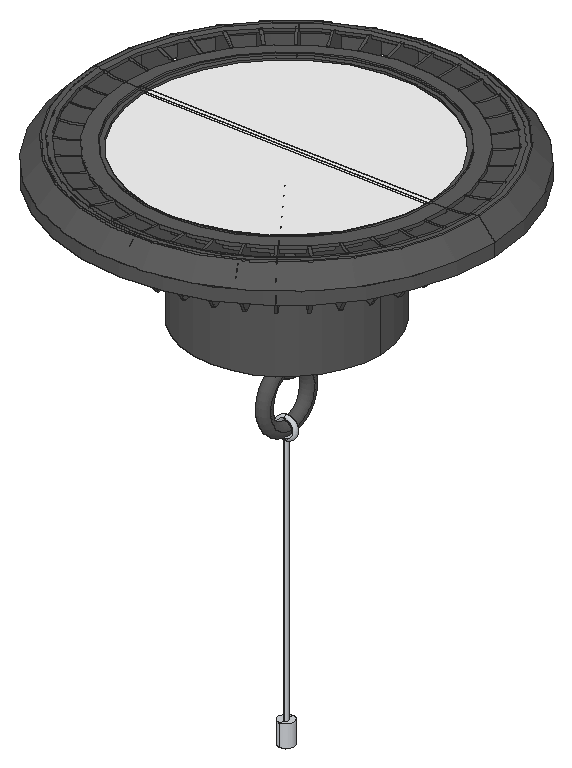
Revit family "0039351 Feilo Sylvania Lighting Fixture START HIGHBAY 6K 19KLM WIDE pendant", category Lighting Fixtures, host Face, Revit 2017
Family settings
  Host = Face
  Round Connector Dimension = Use Diameter
  Part Type = Normal
  OmniClass Number = 23.80.70.00
  OmniClass Title = Lighting
  Cut with Voids When Loaded = No
  Light Source = Yes
  Shared = No
  Room Calculation Point = No
Parameters (values of type "0039351 START HIGHBAY 6K 19KLM WIDE ")
  WidthStraight_FEILO = if(SizeS_FEILO, 3 mm, if(SizeM_FEILO, 4 mm, 4.7 mm))  # 3 mm
  WidthRingChamfer_FEILO = if(SizeS_FEILO, 10.3 mm, if(SizeM_FEILO, 11.2 mm, 12.9 mm))  # 10.3 mm
  WidthCurved_FEILO = if(SizeS_FEILO, 17.4 mm, if(SizeM_FEILO, 16.4 mm, 26.2 mm))  # 17.4 mm
  WidthCurvedRing_FEILO = if(SizeS_FEILO, 3 mm, if(SizeM_FEILO, 4 mm, 4.7 mm))  # 3 mm
  WidthBracket_FEILO = 40 mm
  Weight = "3.4 kg"
  Wattage Comments = ""
  Wattage = 150 W
  WarrantyStartDate [instance] = "n/a"
  WarrantyGuarantorParts = "n/a"
  WarrantyDurationUnit = "n/a"
  WarrantyDurationParts = "n/a"
  WarrantyDescription = "n/a"
  built-in parameter 1150110 = 1 (stored number, unit not read)
  Voltage = 230 V
  VisibilityBracket_FEILO = no
  URL = "http://www.sylvania-lighting.com"
  TypeName = "START HIGHBAY 6K 19KLM WIDE"
  Type Image = <None>
  Type Comments = "n/a"
  built-in parameter 1114217 = 1 (stored number, unit not read)
  Tilt Angle = -90.00°
  ThicknessWall_FEILO = 1.5 mm
  ThicknessBracket_FEILO = 1.5 mm
  ThicknessBracketHalf_FEILO = ThicknessBracket_FEILO / 2  # 0.75 mm
  built-in parameter 1150109 = 1 (stored number, unit not read)
  built-in parameter 1150134 = 1
  SuspensionHeight_FEILO [instance] = 350 mm
  built-in parameter 1150113 = 1 (stored number, unit not read)
  SizeS_FEILO = yes
  SizeM_FEILO = yes
  SerialNumber [instance] = "n/a"
  Rib4_FEILO = if(SizeS_FEILO, 18.1 mm, if(SizeM_FEILO, 13.6 mm, 14.6 mm))  # 18.1 mm
  Rib3_FEILO = if(SizeS_FEILO, 15.3 mm, if(SizeM_FEILO, 17.6 mm, 20.2 mm))  # 15.3 mm
  Rib2_FEILO = if(SizeS_FEILO, 3.6 mm, if(SizeM_FEILO, 3.9 mm, 4.5 mm))  # 3.6 mm
  Rib1_FEILO = if(SizeS_FEILO, 15.1 mm, if(SizeM_FEILO, 16.5 mm, 19 mm))  # 15.1 mm
  RadiusDiffuser_FEILO = if(SizeS_FEILO, 95.2 mm, if(SizeM_FEILO, 105.3 mm, 120 mm))  # 95.2 mm
  RadiusArrayPost_FEILO = DriverRadius_FEILO - 6 mm  # 55.4 mm
  RHRadius3_FEILO = if(SizeS_FEILO, 6.6 mm, if(SizeM_FEILO, 7.4 mm, 8.6 mm))  # 6.6 mm
  RHRadius2_FEILO = if(SizeS_FEILO, 11 mm, if(SizeM_FEILO, 12 mm, 14 mm))  # 11 mm
  RHRadius1_FEILO = if(SizeS_FEILO, 13.6 mm, if(SizeM_FEILO, 14.9 mm, 17.7 mm))  # 13.6 mm
  RHHeight4_FEILO = if(SizeS_FEILO, 7.3 mm, if(SizeM_FEILO, 8 mm, 9.2 mm))  # 7.3 mm
  RHHeight3_FEILO = if(SizeS_FEILO, 3.6 mm, if(SizeM_FEILO, 3.7 mm, 4.6 mm))  # 3.6 mm
  RHHeight2_FEILO = if(SizeS_FEILO, 2 mm, if(SizeM_FEILO, 2.2 mm, 2.6 mm))  # 2 mm
  RHHeight1_FEILO = if(SizeS_FEILO, 11.8 mm, if(SizeM_FEILO, 15.3 mm, 17.4 mm))  # 11.8 mm
  Photometric Web File = "0039351.ies"
  Material_3_FEILO = LED-Sylvania-StartHighbay-Glow
  PowerFactor = 0.95
  PowerConsumption = "150 W"
  NominalLength = 296 mm
  NominalHeight = 177 mm
  NominalDepth = 296 mm
  Name = "START HIGHBAY 6K 19KLM WIDE"
  ModelReference = Name  # "START HIGHBAY 6K 19KLM WIDE"
  ModelNumber = "0039351"
  Model = Name  # "START HIGHBAY 6K 19KLM WIDE"
  Material = "aluminium alloy housing, polycarbonate diffuser"
  ManufacturerName = "Feilo Sylvania"
  Manufacturer = "Feilo Sylvania"
  LuminousEfficacy = "130 lm/W"
  built-in parameter 1150105 = 10377.1 (stored number, unit not read)
  Lumens = 19500 lm
  LuminaireType = ""
  built-in parameter 1150115 = 1 (stored number, unit not read)
  LightOutputRatio = "n/a"
  built-in parameter 1150137 = (empty or 0)
  built-in parameter 1150139 = (empty or 0)
  LampsType = Lamp  # "LED"
  LampNominalLuminous = "19500 lm"
  LampMacAdamStep = "n/a"
  LampColourTemperature = "6500 K"
  LampColourRenderingIndex = "80"
  built-in parameter 1150112 = 1 (stored number, unit not read)
  built-in parameter 1150114 = 1 (stored number, unit not read)
  Lamp = "LED"
  Keynote = "16500"
  InstallationDate [instance] = "n/a"
  InputVoltage = "220-240V~"
  InputNominalFrequency = "50/60 Hz"
  built-in parameter 1150132 = (empty or 0)
  built-in parameter 1150102 = (empty or 0)
  built-in parameter 1150107 = 6500 (stored number, unit not read)
  built-in parameter 1150138 = (empty or 0)
  IngressProtection = "IP65"
  ImpactProtectionIndex = "IK08"
  built-in parameter 1150106 = 103.77 (stored number, unit not read)
  IfcExportType = "IfcLightFixtureType"
  IfcExportAs = "IfcLightFixtureType"
  HeightRing_FEILO = if(SizeS_FEILO, 19.8 mm, if(SizeM_FEILO, 32 mm, 36.8 mm))  # 19.8 mm
  HeightRingChamfer_FEILO = if(SizeS_FEILO, 11.7 mm, if(SizeM_FEILO, 23.2 mm, 26.6 mm))  # 11.7 mm
  EyeThickness_FEILO = if(SizeS_FEILO, 8.4 mm, if(SizeM_FEILO, 9.2 mm, 10.5 mm))  # 8.4 mm
  EyeThicknessHalf_FEILO = EyeThickness_FEILO / 2  # 4.2 mm
  EyeInner_FEILO = if(SizeS_FEILO, 13.8 mm, if(SizeM_FEILO, 15.1 mm, 17.3 mm))  # 13.8 mm
  ExpectedLife = 50000
  Emit from Circle Diameter = RadiusDiffuser_FEILO * 2  # 190.4 mm
  Emit Shape Visible in Rendering = no
  ElectricShockClassification = "Class I"
  built-in parameter 1150104 = 12.077 (stored number, unit not read)
  DurationUnit = "hours"
  DriverVerticalStraight_FEILO = if(SizeS_FEILO, 46.5 mm, if(SizeM_FEILO, 49.7 mm, 57 mm))  # 46.5 mm
  DriverVerticalChamfer_FEILO = if(SizeS_FEILO, 7.5 mm, if(SizeM_FEILO, 8.2 mm, 9.5 mm))  # 7.5 mm
  DriverRadius_FEILO = if(SizeS_FEILO, 61.4 mm, if(SizeM_FEILO, 67.2 mm, 76.4 mm))  # 61.4 mm
  DriverRadiusTop_FEILO = if(SizeS_FEILO, 42 mm, if(SizeM_FEILO, 45.3 mm, 52.4 mm))  # 42 mm
  DriverBottom_FEILO = if(SizeS_FEILO, 56 mm, if(SizeM_FEILO, 64.5 mm, 74 mm))  # 56 mm
  DocumentationLiterature = "http://www.sylvania-lighting.com/product/en-int/products/0039351"
  DimmingControlOptions = "n/a"
  Material_2_FEILO = Diffuser-Sylvania-StartHighbay-Transparent
  Radius_FEILO = if(SizeS_FEILO, 135 mm, if(SizeM_FEILO, 148 mm, 169.5 mm))  # 135 mm
  Dimming Lamp Color Temperature Shift = <None>
  DiameterWire_FEILO = 3 mm
  DiameterWireSupport_FEILO = 10 mm
  Description = "START HIGHBAY, includes 1 m cables, black aluminium housing, 19500LM, 150W, 130lm/W, 6500K, Driver current: 2140mA, CR80, 60° beam angle, 1-10V dimmable,  IP65, IK08, 50,000 hrs (L70B50), (LxWxH) 296x296x177mm"
  Default Elevation = 1219.2 mm
  CreatedOn = "2/28/2018"
  CreatedBy = ""
  Cost = 0
  Color Filter = 16777215
  built-in parameter 1114216 [instance] = (empty or 0)
  ClassificationValue = "EF_70_80"
  ClassificationName = "Uniclass2015"
  Material_1_FEILO = Body-Sylvania-StartHighbay-Black
  BarCode [instance] = "n/a"
  built-in parameter 1114218 = 1 (stored number, unit not read)
  built-in parameter 1150133 = 10 (stored number, unit not read)
  AssetType = "Fixed"
  AssetIdentifier [instance] = "n/a"
  Assembly Code = "D5020200"
  Apparent Load = 150 VA
  Material_4_FEILO = none
Reference planes
  plane 1 "Center (Front/Back)": y = 0
  plane 2: z = 0
  plane 3 "Center (Left/Right)": x = 0
  plane 4: z = 350
  plane 5: x = -135
  plane 6: x = -124.7
  plane 7: z = 338.3
  plane 8: z = 330.2
  plane 9: x = -121.7
  plane 10: z = 347.375
  plane 11: x = -104.3
  plane 12: x = -95.2
  plane 13: x = -118.7
  plane 14: z = 348.375
  plane 15: z = 346.375
  plane 16: x = -92.2
  plane 17: z = 345.375
  plane 18: x = -133.5
  plane 19: x = -119.9
  plane 20: z = 326.6
  plane 21: x = -104.6
  plane 22: z = 308.5
  plane 23: x = -20
  plane 24: z = 294
  plane 25: x = -61.4
  plane 26: z = 247.5
  plane 27: x = -42
  plane 28: z = 240
  plane 29: x = -13.6
  plane 30: z = 228.2
  plane 31: z = 226.2
  plane 32: x = -11
  plane 33: z = 222.6
  plane 34: z = 215.3
  plane 35: x = -6.6
  plane 36: z = 201.5
  plane 37: z = 187.7
  plane 38: x = 4.2
  plane 39: x = -4.2
  plane 40: z = 179.3
  plane 41: z = 183.5
  plane 42: x = -129.1
  plane 43: x = -132.5
  plane 44: z = 328.7
  plane 45: x = -123.2
  plane 46: z = 270.75
  plane 47: y = -20
  plane 48: y = 20
  plane 49: x = 135
  plane 50: x = 124.7
  plane 51: x = 133.5
  plane 52: x = 129.1
  plane 53: x = 132.5
  plane 54: x = 123.2
  plane 55: z = 190.7
  plane 56: y = 1.5
  plane 57: y = -1.5
  plane 58: z = 189.2
  plane 59: z = 177.8
  plane 60: z = 176.3
  plane 61: y = -5
  plane 62: y = 5
  plane 63: z = 14
Forms (mm)
  Revolve 1, solid, material "Body-Sylvania-StartHighbay-Black" <- "Material_1_FEILO", detail levels medium+fine
    sketch origin (0, 0, 0) x (1, 0, 0) y (0, 0, 1)
      loop
        line (-135, 330.2) -> (-133.5, 330.2) -> (-133.5, 337.734) -> (-125.012, 347.375) -> (-118.7, 347.375) -> (-118.7, 349.16)
        arc (-118.7, 349.16) -> (-120.206, 349.56) -> (-121.7, 350) r 58.981
        line (-121.7, 350) -> (-124.241, 350)
        arc (-124.241, 350) -> (-124.657, 349.911) -> (-124.999, 349.66) r 1.015
        line (-124.999, 349.66) -> (-135, 338.3) -> (-135, 330.2)
      axis (0, 350) -> (0, 330.2)
    angle from 360 to 0
  Revolve 2, solid, material "Body-Sylvania-StartHighbay-Black" <- "Material_1_FEILO", detail levels medium+fine
    sketch origin (0, 0, 0) x (1, 0, 0) y (0, 0, 1)
      loop
        line (-104.3, 345.375) -> (-95.2, 345.375) -> (-95.2, 338.3) -> (0, 338.3) -> (0, 345.375) -> (-92.2, 345.375) -> (-92.2, 346.375) -> (-95.2, 346.375) -> (-95.2, 347.375) -> (-104.3, 347.375) -> (-104.3, 345.375)
      axis (0, 347.375) -> (0, 338.3)
    angle from 360 to 0
  Revolve 3, solid, material "Diffuser-Sylvania-StartHighbay-Transparent" <- "Material_2_FEILO", detail levels medium+fine
    sketch origin (0, 0, 0) x (1, 0, 0) y (0, 0, 1)
      loop
        line (-95.2, 346.375) -> (0, 346.375) -> (0, 348.375) -> (-95.2, 348.375) -> (-95.2, 346.375)
      axis (0, 348.375) -> (0, 346.375)
    angle from 360 to 0
  Revolve 4, solid, material "Body-Sylvania-StartHighbay-Black" <- "Material_1_FEILO"
    sketch origin (0, 0, 0) x (1, 0, 0) y (0, 0, 1)
      loop
        line (-61.4, 308.5) -> (-61.4, 247.5) -> (-42, 240) -> (-13.6, 240) -> (-13.6, 228.2) -> (-11, 226.2) -> (-11, 222.6) -> (-7.037, 216.026)
        arc (-7.037, 216.026) -> (-6.49, 215.494) -> (-5.753, 215.3) r 1.5
        line (-5.753, 215.3) -> (0, 215.3) -> (0, 308.5) -> (-61.4, 308.5)
      axis (0, 308.5) -> (0, 215.3)
    angle from 360 to 0
  Revolve 5, solid, material "Body-Sylvania-StartHighbay-Black" <- "Material_1_FEILO"
    sketch origin (0, 0, 0) x (1, 0, 0) y (0, 0, 1)
      loop
        circle (0, 183.5) r 4.2
      axis (4.2, 201.5) -> (-4.2, 201.5)
    angle from 360 to 0
  Extrusion 6, solid, material "Body-Sylvania-StartHighbay-Black" <- "Material_1_FEILO", visible <- "VisibilityBracket_FEILO"
    sketch origin (0, 0, 0) x (1, 0, 0) y (0, 0, 1)
      loop
        line (-132.5, 330.2) -> (-132.5, 328.7) -> (-125.45, 328.7)
        arc (-125.45, 328.7) -> (-124.92, 328.48) -> (-124.7, 327.95) r 0.75
        line (-124.7, 327.95) -> (-124.7, 270.75) -> (-123.2, 270.75) -> (-123.2, 328.7)
        arc (-123.2, 328.7) -> (-123.639, 329.761) -> (-124.7, 330.2) r 1.5
        line (-124.7, 330.2) -> (-132.5, 330.2)
      loop
        line (132.5, 330.2) -> (124.7, 330.2)
        arc (124.7, 330.2) -> (123.639, 329.761) -> (123.2, 328.7) r 1.5
        line (123.2, 328.7) -> (123.2, 270.75) -> (124.7, 270.75) -> (124.7, 327.95)
        arc (124.7, 327.95) -> (124.92, 328.48) -> (125.45, 328.7) r 0.75
        line (125.45, 328.7) -> (132.5, 328.7) -> (132.5, 330.2)
    from -20 to 20
  Extrusion 7, void
    sketch origin (0, 0, 0) x (0, 1, 0) y (0, 0, 1)
      loop
        arc (-10, 270.75) -> (-17.071, 273.679) -> (-20, 280.75) r 10
        line (-20, 280.75) -> (-25, 280.75) -> (-25, 265.75) -> (-10, 265.75) -> (-10, 270.75)
      loop
        line (10, 270.75) -> (10, 265.75) -> (25, 265.75) -> (25, 280.75) -> (20, 280.75)
        arc (20, 280.75) -> (17.071, 273.679) -> (10, 270.75) r 10
    from -124.7 to 124.7
  Revolve 8, solid, material "Body-Sylvania-StartHighbay-Black" <- "Material_1_FEILO", detail levels coarse
    sketch origin (0, 0, 0) x (1, 0, 0) y (0, 0, 1)
      loop
        line (0, 350) -> (-124.7, 350) -> (-135, 338.3) -> (-135, 330.2) -> (-119.9, 330.2) -> (-119.9, 326.6) -> (-104.6, 308.5) -> (0, 308.5) -> (0, 350)
      axis (0, 350) -> (0, 308.5)
    angle from 360 to 0
  Revolve 9, solid
    sketch origin (0, 0, 0) x (0, 1, 0) y (0, 0, 1)
      loop
        circle (0, 189.2) r 1.5
      axis (1.5, 183.5) -> (-1.5, 183.5)
    angle from 360 to 0
  Revolve 10, solid
    sketch origin (0, 0, 0) x (0, 1, 0) y (0, 0, 1)
      loop
        line (0, 0) -> (0, 177.8) -> (-1.5, 177.8) -> (-1.5, 14) -> (-5, 14) -> (-5, 0) -> (0, 0)
      axis (0, 0) -> (0, 177.8)
    angle from 360 to 0
Cuts and joins
  Extrusion 7 cuts Extrusion 6
Lines and regions (mm)
  reference lines
    curve 1: line (-135, 0, 338.3) -> (-124.7, 0, 350)
    curve 2: line (-104.3, 0, 347.375) -> (0, 0, 347.375)
    curve 3: arc (-104.3, 0, 347.375) -> (-113.098, 0, 348.035) -> (-121.7, 0, 350) r 58.981
    curve 4: line (-124.7, 0, 350) -> (-121.7, 0, 350)
    curve 5: line (-125.012, 0, 347.375) -> (-133.5, 0, 337.734)
    curve 6: line (-119.9, 0, 326.6) -> (-104.6, 0, 308.5)
    curve 7: line (-11, 0, 222.6) -> (-6.6, 0, 215.3)
    curve 8: circle (0, 0, 183.5) r 4.2 normal (0, -1, 0)
Dimensions and locks
  "Radius_FEILO": plane 3 "Center (Left/Right)" to plane 5
  "WidthRingChamfer_FEILO": plane 6 to plane 5
  "WidthStraight_FEILO": plane 9 to plane 6
  "WidthCurvedRing_FEILO": plane 13 to plane 9
  locked: plane 10 to plane 15 at 1
  locked: plane 14 to plane 10 at 1
  locked: plane 4 to plane 10 at 2.625
  locked: plane 15 to plane 17 at 1
  "ThicknessWall_FEILO": plane 18 to plane 5
  "ThicknessWall_FEILO": curve 5 to curve 1
  "HeightRingChamfer_FEILO": plane 4 to plane 7
  "HeightRing_FEILO": plane 4 to plane 8
  "RadiusDiffuser_FEILO": plane 3 "Center (Left/Right)" to plane 12
  locked: plane 16 to plane 12 at 3
  "WidthCurved_FEILO": plane 11 to plane 9
  "SuspensionHeight_FEILO": plane 4 to plane 2
  "Rib1_FEILO": plane 19 to plane 5
  "Rib2_FEILO": plane 8 to plane 20
  "Rib3_FEILO": plane 21 to plane 19
  "Rib4_FEILO": plane 20 to plane 22
  locked: plane 3 "Center (Left/Right)" to plane 23 at 20
  "DriverBottom_FEILO": plane 4 to plane 24
  "DriverRadius_FEILO": plane 3 "Center (Left/Right)" to plane 25
  "DriverVerticalStraight_FEILO": plane 24 to plane 26
  "DriverRadiusTop_FEILO": plane 3 "Center (Left/Right)" to plane 27
  "DriverVerticalChamfer_FEILO": plane 26 to plane 28
  "RHRadius1_FEILO": plane 3 "Center (Left/Right)" to plane 29
  "RHHeight2_FEILO": plane 30 to plane 31
  "RHRadius2_FEILO": plane 3 "Center (Left/Right)" to plane 32
  "RHHeight3_FEILO": plane 31 to plane 33
  "RHHeight4_FEILO": plane 33 to plane 34
  "RHRadius3_FEILO": plane 3 "Center (Left/Right)" to plane 35
  "RHHeight1_FEILO": plane 28 to plane 30
  "EyeInner_FEILO": plane 34 to plane 36
  "EyeInner_FEILO": plane 36 to plane 37
  equal spacing: plane 38, plane 3 "Center (Left/Right)", plane 39
  "EyeThickness_FEILO": plane 38 to plane 39
  "EyeThickness_FEILO": plane 37 to plane 40
  equal spacing: plane 37, plane 41, plane 40
  equal spacing: plane 6, plane 42, plane 18
  "ThicknessBracket_FEILO": plane 45 to plane 6
  "ThicknessBracket_FEILO": plane 8 to plane 44
  locked: plane 43 to plane 18 at 1
  equal spacing: plane 24, plane 46, plane 26
  equal spacing: plane 47, plane 1 "Center (Front/Back)", plane 48
  "WidthBracket_FEILO": plane 47 to plane 48
  "WidthRingChamfer_FEILO": plane 50 to plane 49
  "ThicknessWall_FEILO": plane 51 to plane 49
  equal spacing: plane 50, plane 52, plane 51
  "ThicknessBracket_FEILO": plane 54 to plane 50
  locked: plane 53 to plane 51 at 1
  "Radius_FEILO": plane 49 to plane 3 "Center (Left/Right)"
  equal spacing: plane 57, imposter light, plane 56
  "DiameterWire_FEILO": plane 57 to plane 56
  "DiameterWire_FEILO": plane 37 to plane 55
  equal spacing: plane 37, plane 58, plane 55
  "DiameterWire_FEILO": plane 60 to plane 40
  equal spacing: plane 60, plane 59, plane 40
  equal spacing: plane 61, plane 1 "Center (Front/Back)", plane 62
  "DiameterWireSupport_FEILO": plane 61 to plane 62
  locked: plane 63 to plane 2 at 14
  "EyeThicknessHalf_FEILO": radius of curve 8
  "ThicknessBracket_FEILO": radius of Extrusion 6 sketch curve  (x2)
  "ThicknessBracketHalf_FEILO": radius of Extrusion 6 sketch curve  (x2)
  "DiameterWire_FEILO": diameter of Revolve 9 sketch curve
  aligned and locked: plane 2 to host face
  aligned and locked: level to host face
  aligned and locked: plane 5 to curve 1
  aligned and locked: plane 6 to curve 1
  aligned and locked: plane 7 to curve 1
  aligned and locked: plane 10 to curve 2
  aligned and locked: plane 9 to curve 3
  aligned and locked: plane 4 to curve 3
  aligned and locked: plane 11 to curve 3
  aligned and locked: plane 4 to curve 4
  aligned and locked: plane 18 to curve 5
  aligned and locked: plane 10 to curve 5
  aligned and locked: Revolve 1 sketch curve to plane 3 "Center (Left/Right)"
  aligned and locked: Revolve 1 sketch curve to curve 3
  aligned and locked: Revolve 1 sketch curve to curve 1
  aligned and locked: plane 4 to Revolve 1 sketch curve
  aligned and locked: plane 9 to Revolve 1 sketch curve
  aligned and locked: Revolve 1 sketch curve to plane 13
  aligned and locked: Revolve 1 sketch curve to plane 10
  aligned and locked: plane 13 to Revolve 1 sketch curve
  aligned and locked: plane 10 to Revolve 1 sketch curve
  aligned and locked: Revolve 1 sketch curve to plane 18
  aligned and locked: Revolve 1 sketch curve to plane 8
  aligned and locked: plane 5 to Revolve 1 sketch curve  (x2)
  aligned and locked: Revolve 2 sketch curve to plane 3 "Center (Left/Right)"
  aligned and locked: plane 11 to Revolve 2 sketch curve
  aligned and locked: Revolve 2 sketch curve to curve 2
  aligned and locked: plane 15 to Revolve 2 sketch curve
  aligned and locked: Revolve 2 sketch curve to plane 16
  aligned and locked: plane 17 to Revolve 2 sketch curve  (x2)
  aligned and locked: Revolve 2 sketch curve to plane 12
  aligned and locked: plane 7 to Revolve 2 sketch curve
  aligned and locked: Revolve 3 sketch curve to plane 3 "Center (Left/Right)"
  aligned and locked: Revolve 3 sketch curve to plane 14
  aligned and locked: plane 3 "Center (Left/Right)" to Revolve 3 sketch curve
  aligned and locked: Revolve 3 sketch curve to plane 12
  aligned and locked: plane 15 to Revolve 3 sketch curve
  aligned and locked: Revolve 1 sketch curve to curve 5
  aligned and locked: plane 22 to curve 6
  aligned and locked: plane 21 to curve 6
  aligned and locked: plane 20 to curve 6
  aligned and locked: plane 19 to curve 6
  aligned and locked: plane 33 to curve 7
  aligned and locked: plane 32 to curve 7
  aligned and locked: plane 35 to curve 7
  aligned and locked: plane 34 to curve 7
  aligned and locked: Revolve 4 sketch curve to plane 3 "Center (Left/Right)"
  aligned and locked: Revolve 4 sketch curve to plane 25
  aligned and locked: plane 27 to Revolve 4 sketch curve
  aligned and locked: plane 28 to Revolve 4 sketch curve
  aligned and locked: plane 30 to Revolve 4 sketch curve
  aligned and locked: Revolve 4 sketch curve to plane 29
  aligned and locked: plane 31 to Revolve 4 sketch curve
  aligned and locked: Revolve 4 sketch curve to curve 7
  aligned and locked: Revolve 4 sketch curve to plane 32
  aligned and locked: plane 34 to Revolve 4 sketch curve
  aligned and locked: plane 3 "Center (Left/Right)" to Revolve 4 sketch curve
  aligned and locked: plane 3 "Center (Left/Right)" to curve 8
  aligned and locked: plane 41 to curve 8
  aligned and locked: Revolve 5 sketch curve to plane 36
  aligned and locked: Revolve 5 sketch curve to curve 8
  aligned and locked: plane 43 to Extrusion 6 sketch curve  (x2)
  aligned and locked: plane 8 to Extrusion 6 sketch curve  (x3)
  aligned and locked: Extrusion 6 sketch curve to plane 45
  aligned and locked: Extrusion 6 sketch curve to plane 46  (x2)
  aligned and locked: plane 6 to Extrusion 6 sketch curve
  aligned and locked: Extrusion 6 sketch curve to plane 44  (x2)
  aligned and locked: Extrusion 6 to plane 48
  aligned and locked: plane 47 to Extrusion 6
  aligned and locked: plane 53 to Extrusion 6 sketch curve
  aligned and locked: plane 50 to Extrusion 6 sketch curve
  aligned and locked: Extrusion 6 sketch curve to plane 54
  aligned and locked: Extrusion 7 sketch curve to Extrusion 7 sketch curve
  aligned and locked: Extrusion 7 to plane 6
  aligned and locked: Extrusion 7 to Extrusion 6
  aligned and locked: Revolve 4 sketch curve to plane 22
  aligned and locked: plane 23 to nested 1
  aligned and locked: plane 1 "Center (Front/Back)" to nested 1
  aligned and locked: Revolve 8 sketch curve to plane 3 "Center (Left/Right)"
  aligned and locked: Revolve 8 sketch curve to plane 4
  aligned and locked: plane 6 to Revolve 8 sketch curve
  aligned and locked: plane 4 to Revolve 8 sketch curve
  aligned and locked: plane 7 to Revolve 8 sketch curve
  aligned and locked: Revolve 8 sketch curve to plane 5
  aligned and locked: plane 8 to Revolve 8 sketch curve  (x2)
  aligned and locked: Revolve 8 sketch curve to plane 19
  aligned and locked: plane 20 to Revolve 8 sketch curve
  aligned and locked: plane 19 to Revolve 8 sketch curve
  aligned and locked: plane 21 to Revolve 8 sketch curve
  aligned and locked: plane 22 to Revolve 8 sketch curve  (x2)
  aligned and locked: Revolve 8 sketch curve to Revolve 8 sketch curve
  aligned and locked: imposter light to plane 4
  aligned and locked: plane 3 "Center (Left/Right)" to imposter light
  aligned and locked: imposter light to plane 1 "Center (Front/Back)"
  aligned and locked: Revolve 9 sketch curve to plane 41
  aligned and locked: Revolve 10 sketch curve to plane 1 "Center (Front/Back)"
  aligned and locked: plane 1 "Center (Front/Back)" to Revolve 10 sketch curve  (x2)
  aligned and locked: host face to Revolve 10 sketch curve
  aligned and locked: plane 63 to Revolve 10 sketch curve
  aligned and locked: Revolve 10 sketch curve to plane 61
  aligned and locked: Revolve 10 sketch curve to plane 57
  aligned and locked: plane 59 to Revolve 10 sketch curve
Automatic sketch dimensions
  host sketch curve to host sketch curve = 2438.4 mm  (x2)
  curve 2 to plane 3 "Center (Left/Right)" = 0 mm
  Revolve 1 sketch curve to plane 6 = 0.299 mm
  plane 6 to Revolve 1 sketch curve = 0.459 mm
  Revolve 1 sketch curve to level = 609.6 mm
  Revolve 1 sketch curve to Revolve 1 sketch curve = 2312.223 mm
  Revolve 2 sketch curve to plane 12 = 0 mm
  Revolve 2 sketch curve to plane 3 "Center (Left/Right)" = 0 mm
  Revolve 2 sketch curve to level = 609.6 mm
  Revolve 2 sketch curve to plane 4 = 2339.058 mm
  Revolve 3 sketch curve to level = 609.6 mm
  Revolve 3 sketch curve to plane 4 = 2339.058 mm
  Revolve 5 sketch curve to plane 5 = 1080 mm
  plane 38 to Revolve 5 sketch curve = 1219.2 mm
  Extrusion 7 sketch curve to plane 47 = 0 mm
  plane 46 to Extrusion 7 sketch curve = 0 mm  (x2)
  Extrusion 7 sketch curve to plane 48 = 0 mm
  plane 47 to Extrusion 7 sketch curve = 5 mm
  plane 1 "Center (Front/Back)" to Extrusion 7 sketch curve = 10 mm
  Extrusion 7 sketch curve to Extrusion 7 sketch curve = 10 mm
  plane 46 to Extrusion 7 sketch curve = 5 mm
  Extrusion 7 sketch curve to Extrusion 7 sketch curve = 5 mm
  Extrusion 7 sketch curve to plane 48 = 5 mm
  Revolve 4 sketch curve to plane 26 = 0 mm
  Revolve 4 sketch curve to plane 35 = 0.437 mm
  plane 35 to Revolve 4 sketch curve = 0.847 mm
  Revolve 4 sketch curve to plane 34 = 0.726 mm
  plane 40 to Revolve 4 sketch curve = 590.2 mm
  Revolve 4 sketch curve to plane 4 = 2339.058 mm
  Revolve 8 sketch curve to level = 609.6 mm
  Revolve 8 sketch curve to Revolve 8 sketch curve = 2386.058 mm
  Revolve 9 sketch curve to plane 1 "Center (Front/Back)" = 0 mm
  plane 58 to Revolve 9 sketch curve = 0 mm
  plane 47 to Revolve 9 sketch curve = 2534.941 mm
  Revolve 9 sketch curve to plane 48 = 2077.409 mm
  Revolve 10 sketch curve to Revolve 10 sketch curve = 609.6 mm
  Revolve 10 sketch curve to plane 4 = 2123.807 mm
Nested families
  nested 1: "Start Highbay Rib" at (0, 0, 347.375), type "Type Name", detail levels medium+fine
    with SuspensionHeight_FEILO 2.6 mm, SizeM_FEILO yes
  nested 2: "Start Highbay Rib" at (0, 0, 347.375) x (0.9877, 0.1564, 0) z (0, 0, 1), type "Type Name", detail levels medium+fine
    with SuspensionHeight_FEILO 2.6 mm, SizeM_FEILO yes
  nested 3: "Start Highbay Rib" at (0, 0, 347.375) x (0.9511, 0.309, 0) z (0, 0, 1), type "Type Name", detail levels medium+fine
    with SuspensionHeight_FEILO 2.6 mm, SizeM_FEILO yes
  nested 4: "Start Highbay Rib" at (0, 0, 347.375) x (0.891, 0.454, 0) z (0, 0, 1), type "Type Name", detail levels medium+fine
    with SuspensionHeight_FEILO 2.6 mm, SizeM_FEILO yes
  nested 5: "Start Highbay Rib" at (0, 0, 347.375) x (0.809, 0.5878, 0) z (0, 0, 1), type "Type Name", detail levels medium+fine
    with SuspensionHeight_FEILO 2.6 mm, SizeM_FEILO yes
  nested 6: "Start Highbay Rib" at (0, 0, 347.375) x (0.7071, 0.7071, 0) z (0, 0, 1), type "Type Name", detail levels medium+fine
    with SuspensionHeight_FEILO 2.6 mm, SizeM_FEILO yes
  nested 7: "Start Highbay Rib" at (0, 0, 347.375) x (0.5878, 0.809, 0) z (0, 0, 1), type "Type Name", detail levels medium+fine
    with SuspensionHeight_FEILO 2.6 mm, SizeM_FEILO yes
  nested 8: "Start Highbay Rib" at (0, 0, 347.375) x (0.454, 0.891, 0) z (0, 0, 1), type "Type Name", detail levels medium+fine
    with SuspensionHeight_FEILO 2.6 mm, SizeM_FEILO yes
  nested 9: "Start Highbay Rib" at (0, 0, 347.375) x (0.309, 0.9511, 0) z (0, 0, 1), type "Type Name", detail levels medium+fine
    with SuspensionHeight_FEILO 2.6 mm, SizeM_FEILO yes
  nested 10: "Start Highbay Rib" at (0, 0, 347.375) x (0.1564, 0.9877, 0) z (0, 0, 1), type "Type Name", detail levels medium+fine
    with SuspensionHeight_FEILO 2.6 mm, SizeM_FEILO yes
  nested 11: "Start Highbay Rib" at (0, 0, 347.375) x (0, 1, 0) z (0, 0, 1), type "Type Name", detail levels medium+fine
    with SuspensionHeight_FEILO 2.6 mm, SizeM_FEILO yes
  nested 12: "Start Highbay Rib" at (0, 0, 347.375) x (-0.1564, 0.9877, 0) z (0, 0, 1), type "Type Name", detail levels medium+fine
    with SuspensionHeight_FEILO 2.6 mm, SizeM_FEILO yes
  nested 13: "Start Highbay Rib" at (0, 0, 347.375) x (-0.309, 0.9511, 0) z (0, 0, 1), type "Type Name", detail levels medium+fine
    with SuspensionHeight_FEILO 2.6 mm, SizeM_FEILO yes
  nested 14: "Start Highbay Rib" at (0, 0, 347.375) x (-0.454, 0.891, 0) z (0, 0, 1), type "Type Name", detail levels medium+fine
    with SuspensionHeight_FEILO 2.6 mm, SizeM_FEILO yes
  nested 15: "Start Highbay Rib" at (0, 0, 347.375) x (-0.5878, 0.809, 0) z (0, 0, 1), type "Type Name", detail levels medium+fine
    with SuspensionHeight_FEILO 2.6 mm, SizeM_FEILO yes
  nested 16: "Start Highbay Rib" at (0, 0, 347.375) x (-0.7071, 0.7071, 0) z (0, 0, 1), type "Type Name", detail levels medium+fine
    with SuspensionHeight_FEILO 2.6 mm, SizeM_FEILO yes
  nested 17: "Start Highbay Rib" at (0, 0, 347.375) x (-0.809, 0.5878, 0) z (0, 0, 1), type "Type Name", detail levels medium+fine
    with SuspensionHeight_FEILO 2.6 mm, SizeM_FEILO yes
  nested 18: "Start Highbay Rib" at (0, 0, 347.375) x (-0.891, 0.454, 0) z (0, 0, 1), type "Type Name", detail levels medium+fine
    with SuspensionHeight_FEILO 2.6 mm, SizeM_FEILO yes
  nested 19: "Start Highbay Rib" at (0, 0, 347.375) x (-0.9511, 0.309, 0) z (0, 0, 1), type "Type Name", detail levels medium+fine
    with SuspensionHeight_FEILO 2.6 mm, SizeM_FEILO yes
  nested 20: "Start Highbay Rib" at (0, 0, 347.375) x (-0.9877, 0.1564, 0) z (0, 0, 1), type "Type Name", detail levels medium+fine
    with SuspensionHeight_FEILO 2.6 mm, SizeM_FEILO yes
  nested 21: "Start Highbay Rib" at (0, 0, 347.375) x (-1, 0, 0) z (0, 0, 1), type "Type Name", detail levels medium+fine
    with SuspensionHeight_FEILO 2.6 mm, SizeM_FEILO yes
  nested 22: "Start Highbay Rib" at (0, 0, 347.375) x (-0.9877, -0.1564, 0) z (0, 0, 1), type "Type Name", detail levels medium+fine
    with SuspensionHeight_FEILO 2.6 mm, SizeM_FEILO yes
  nested 23: "Start Highbay Rib" at (0, 0, 347.375) x (-0.9511, -0.309, 0) z (0, 0, 1), type "Type Name", detail levels medium+fine
    with SuspensionHeight_FEILO 2.6 mm, SizeM_FEILO yes
  nested 24: "Start Highbay Rib" at (0, 0, 347.375) x (-0.891, -0.454, 0) z (0, 0, 1), type "Type Name", detail levels medium+fine
    with SuspensionHeight_FEILO 2.6 mm, SizeM_FEILO yes
  nested 25: "Start Highbay Rib" at (0, 0, 347.375) x (-0.809, -0.5878, 0) z (0, 0, 1), type "Type Name", detail levels medium+fine
    with SuspensionHeight_FEILO 2.6 mm, SizeM_FEILO yes
  nested 26: "Start Highbay Rib" at (0, 0, 347.375) x (-0.7071, -0.7071, 0) z (0, 0, 1), type "Type Name", detail levels medium+fine
    with SuspensionHeight_FEILO 2.6 mm, SizeM_FEILO yes
  nested 27: "Start Highbay Rib" at (0, 0, 347.375) x (-0.5878, -0.809, 0) z (0, 0, 1), type "Type Name", detail levels medium+fine
    with SuspensionHeight_FEILO 2.6 mm, SizeM_FEILO yes
  nested 28: "Start Highbay Rib" at (0, 0, 347.375) x (-0.454, -0.891, 0) z (0, 0, 1), type "Type Name", detail levels medium+fine
    with SuspensionHeight_FEILO 2.6 mm, SizeM_FEILO yes
  nested 29: "Start Highbay Rib" at (0, 0, 347.375) x (-0.309, -0.9511, 0) z (0, 0, 1), type "Type Name", detail levels medium+fine
    with SuspensionHeight_FEILO 2.6 mm, SizeM_FEILO yes
  nested 30: "Start Highbay Rib" at (0, 0, 347.375) x (-0.1564, -0.9877, 0) z (0, 0, 1), type "Type Name", detail levels medium+fine
    with SuspensionHeight_FEILO 2.6 mm, SizeM_FEILO yes
  nested 31: "Start Highbay Rib" at (0, 0, 347.375) x (0, -1, 0) z (0, 0, 1), type "Type Name", detail levels medium+fine
    with SuspensionHeight_FEILO 2.6 mm, SizeM_FEILO yes
  nested 32: "Start Highbay Rib" at (0, 0, 347.375) x (0.1564, -0.9877, 0) z (0, 0, 1), type "Type Name", detail levels medium+fine
    with SuspensionHeight_FEILO 2.6 mm, SizeM_FEILO yes
  nested 33: "Start Highbay Rib" at (0, 0, 347.375) x (0.309, -0.9511, 0) z (0, 0, 1), type "Type Name", detail levels medium+fine
    with SuspensionHeight_FEILO 2.6 mm, SizeM_FEILO yes
  nested 34: "Start Highbay Rib" at (0, 0, 347.375) x (0.454, -0.891, 0) z (0, 0, 1), type "Type Name", detail levels medium+fine
    with SuspensionHeight_FEILO 2.6 mm, SizeM_FEILO yes
  nested 35: "Start Highbay Rib" at (0, 0, 347.375) x (0.5878, -0.809, 0) z (0, 0, 1), type "Type Name", detail levels medium+fine
    with SuspensionHeight_FEILO 2.6 mm, SizeM_FEILO yes
  nested 36: "Start Highbay Rib" at (0, 0, 347.375) x (0.7071, -0.7071, 0) z (0, 0, 1), type "Type Name", detail levels medium+fine
    with SuspensionHeight_FEILO 2.6 mm, SizeM_FEILO yes
  nested 37: "Start Highbay Rib" at (0, 0, 347.375) x (0.809, -0.5878, 0) z (0, 0, 1), type "Type Name", detail levels medium+fine
    with SuspensionHeight_FEILO 2.6 mm, SizeM_FEILO yes
  nested 38: "Start Highbay Rib" at (0, 0, 347.375) x (0.891, -0.454, 0) z (0, 0, 1), type "Type Name", detail levels medium+fine
    with SuspensionHeight_FEILO 2.6 mm, SizeM_FEILO yes
  nested 39: "Start Highbay Rib" at (0, 0, 347.375) x (0.9511, -0.309, 0) z (0, 0, 1), type "Type Name", detail levels medium+fine
    with SuspensionHeight_FEILO 2.6 mm, SizeM_FEILO yes
  nested 40: "Start Highbay Rib" at (0, 0, 347.375) x (0.9877, -0.1564, 0) z (0, 0, 1), type "Type Name", detail levels medium+fine
    with SuspensionHeight_FEILO 2.6 mm, SizeM_FEILO yes
Connectors
  electrical at (0, 0, 0), driven by "Apparent Load", driven by "PowerFactor", driven by "Voltage"
    settings: index 1, voltage 230 V, apparent load 150 VA, apparent load phase1 0 VA, apparent load phase2 0 VA, apparent load phase3 0 VA, power factor 0.95, load classification "Lighting", number of poles 1, system type 30, power factor state 1, is connector primary yes, connector utility no, sub classification motor no, connector description ""
Definition of nested family "Start Highbay Rib"
  Parameters (values of type "Type Name")
    WidthStraight_FEILO = if(SizeS_FEILO, 3 mm, if(SizeM_FEILO, 4 mm, 4.7 mm))  # 3 mm
    WidthRingChamfer_FEILO = if(SizeS_FEILO, 10.3 mm, if(SizeM_FEILO, 11.2 mm, 12.9 mm))  # 10.3 mm
    WidthCurved_FEILO = if(SizeS_FEILO, 17.4 mm, if(SizeM_FEILO, 16.4 mm, 26.2 mm))  # 17.4 mm
    WidthCurvedRing_FEILO = if(SizeS_FEILO, 3 mm, if(SizeM_FEILO, 4 mm, 4.7 mm))  # 3 mm
    WidthBracket_FEILO = 40 mm
    URL = "http://www.feilosylvania.com"
    Type Image = (empty or 0)
    Type Comments = "n/a"
    ThicknessWall_FEILO = 1.5 mm
    ThicknessBracket_FEILO = 1.5 mm
    ThicknessBracketHalf_FEILO = ThicknessBracket_FEILO / 2  # 0.75 mm
    SuspensionHeight_FEILO [instance] = 2.6 mm
    SizeS_FEILO = yes
    SizeM_FEILO = no
    Rib4_FEILO = if(SizeS_FEILO, 18.1 mm, if(SizeM_FEILO, 13.6 mm, 14.6 mm))  # 18.1 mm
    Rib3_FEILO = if(SizeS_FEILO, 15.3 mm, if(SizeM_FEILO, 17.6 mm, 20.2 mm))  # 15.3 mm
    Rib2_FEILO = if(SizeS_FEILO, 3.6 mm, if(SizeM_FEILO, 3.9 mm, 4.5 mm))  # 3.6 mm
    Rib1_FEILO = if(SizeS_FEILO, 15.1 mm, if(SizeM_FEILO, 16.5 mm, 19 mm))  # 15.1 mm
    RadiusRib_FEILO = 2 mm
    RadiusDiffuser_FEILO = if(SizeS_FEILO, 95.2 mm, if(SizeM_FEILO, 105.3 mm, 120 mm))  # 95.2 mm
    RHRadius3_FEILO = if(SizeS_FEILO, 6.6 mm, if(SizeM_FEILO, 7.4 mm, 8.6 mm))  # 6.6 mm
    RHRadius2_FEILO = if(SizeS_FEILO, 11 mm, if(SizeM_FEILO, 12 mm, 14 mm))  # 11 mm
    RHRadius1_FEILO = if(SizeS_FEILO, 13.6 mm, if(SizeM_FEILO, 14.9 mm, 17.7 mm))  # 13.6 mm
    RHHeight4_FEILO = if(SizeS_FEILO, 7.3 mm, if(SizeM_FEILO, 8 mm, 9.2 mm))  # 7.3 mm
    RHHeight3_FEILO = if(SizeS_FEILO, 3.6 mm, if(SizeM_FEILO, 3.7 mm, 4.6 mm))  # 3.6 mm
    RHHeight2_FEILO = if(SizeS_FEILO, 2 mm, if(SizeM_FEILO, 2.2 mm, 2.6 mm))  # 2 mm
    RHHeight1_FEILO = if(SizeS_FEILO, 11.8 mm, if(SizeM_FEILO, 15.3 mm, 17.4 mm))  # 11.8 mm
    Material_3_FEILO = none
    Model = ""
    Manufacturer = "Feilo Sylvania"
    Keynote = "16500"
    HeightRing_FEILO = if(SizeS_FEILO, 19.8 mm, if(SizeM_FEILO, 32 mm, 36.8 mm))  # 19.8 mm
    HeightRingChamfer_FEILO = if(SizeS_FEILO, 11.7 mm, if(SizeM_FEILO, 23.2 mm, 26.6 mm))  # 11.7 mm
    EyeThickness_FEILO = if(SizeS_FEILO, 8.4 mm, if(SizeM_FEILO, 9.2 mm, 10.5 mm))  # 8.4 mm
    EyeThicknessHalf_FEILO = EyeThickness_FEILO / 2  # 4.2 mm
    EyeInner_FEILO = if(SizeS_FEILO, 13.8 mm, if(SizeM_FEILO, 15.1 mm, 17.3 mm))  # 13.8 mm
    DriverVerticalStraight_FEILO = if(SizeS_FEILO, 46.5 mm, if(SizeM_FEILO, 49.7 mm, 57 mm))  # 46.5 mm
    DriverVerticalChamfer_FEILO = if(SizeS_FEILO, 7.5 mm, if(SizeM_FEILO, 8.2 mm, 9.5 mm))  # 7.5 mm
    DriverRadius_FEILO = if(SizeS_FEILO, 61.4 mm, if(SizeM_FEILO, 67.2 mm, 76.4 mm))  # 61.4 mm
    DriverRadiusTop_FEILO = if(SizeS_FEILO, 42 mm, if(SizeM_FEILO, 45.3 mm, 52.4 mm))  # 42 mm
    DriverBottom_FEILO = if(SizeS_FEILO, 56 mm, if(SizeM_FEILO, 64.5 mm, 74 mm))  # 56 mm
    Material_2_FEILO = none
    Radius_FEILO = if(SizeS_FEILO, 135 mm, if(SizeM_FEILO, 148 mm, 169.5 mm))  # 135 mm
    Description = ""
    Default Elevation = 1219.2 mm
    Cost = 0
    Material_1_FEILO = none
    Assembly Code = "D5020200"
    Material_4_FEILO = none
  Reference planes
    plane 1 "Center (Front/Back)": y = 0
    plane 2: z = 0
    plane 3 "Center (Left/Right)": x = 0
    plane 4: z = 2.6
    plane 5: x = -135
    plane 6: x = -124.7
    plane 7: z = -9.1
    plane 8: z = -17.2
    plane 9: x = -121.7
    plane 10: z = -0.025
    plane 11: x = -104.3
    plane 12: x = -95.2
    plane 13: x = -118.7
    plane 14: z = 0.975
    plane 15: z = -1.025
    plane 16: x = -92.2
    plane 17: z = -2.025
    plane 18: x = -133.5
    plane 19: x = -119.9
    plane 20: z = -20.8
    plane 21: x = -104.6
    plane 22: z = -38.9
    plane 23: x = -20
    plane 24: z = -53.4
    plane 25: x = -61.4
    plane 26: z = -99.9
    plane 27: x = -42
    plane 28: z = -107.4
    plane 29: x = -13.6
    plane 30: z = -119.2
    plane 31: z = -121.2
    plane 32: x = -11
    plane 33: z = -124.8
    plane 34: z = -132.1
    plane 35: x = -6.6
    plane 36: z = -145.9
    plane 37: z = -159.7
    plane 38: x = 4.2
    plane 39: x = -4.2
    plane 40: z = -168.1
    plane 41: z = -163.9
    plane 42: x = -129.1
    plane 43: x = -132.5
    plane 44: z = -18.7
    plane 45: x = -123.2
    plane 46: z = -76.65
    plane 47: y = -20
    plane 48: y = 20
    plane 49: x = 135
    plane 50: x = 124.7
    plane 51: x = 133.5
    plane 52: x = 129.1
    plane 53: x = 132.5
    plane 54: x = 123.2
    plane 55: y = 0.75
    plane 56: y = -0.75
  Forms (mm)
    Extrusion 1, solid
      sketch origin (4.2, 0, 0) x (1, 0, 0) y (0, 1, 0)
        loop
          line (-1219.2, 1219.2) -> (-1219.2, -1219.2) -> (1219.2, -1219.2) -> (1219.2, 1219.2) -> (-1219.2, 1219.2)
      from 0 to -68.017
    Extrusion 2, solid, material <- "Material_1_FEILO"
      sketch origin (0, 0, 0) x (1, 0, 0) y (0, 0, 1)
        loop
          arc (-104.3, -0.025) -> (-111.555, 0.423) -> (-118.7, 1.76) r 58.981
          line (-118.7, 1.76) -> (-118.7, -0.025) -> (-125.012, -0.025) -> (-133.5, -9.666) -> (-133.5, -17.2) -> (-119.9, -17.2) -> (-119.9, -20.068)
          arc (-119.9, -20.068) -> (-119.778, -20.755) -> (-119.427, -21.359) r 2
          line (-119.427, -21.359) -> (-104.966, -38.467)
          arc (-104.966, -38.467) -> (-104.381, -38.789) -> (-103.723, -38.9) r 2
          line (-103.723, -38.9) -> (-20, -38.9) -> (-20, -9.1) -> (-95.2, -9.1) -> (-95.2, -2.025) -> (-104.3, -2.025) -> (-104.3, -0.025)
      from -0.75 to 0.75
  Lines and regions (mm)
    reference lines
      curve 1: line (-135, 0, -9.1) -> (-124.7, 0, 2.6)
      curve 2: line (-104.3, 0, -0.025) -> (0, 0, -0.025)
      curve 3: arc (-104.3, 0, -0.025) -> (-113.098, 0, 0.635) -> (-121.7, 0, 2.6) r 58.981
      curve 4: line (-124.7, 0, 2.6) -> (-121.7, 0, 2.6)
      curve 5: line (-125.012, 0, -0.025) -> (-133.5, 0, -9.666)
      curve 6: line (-119.9, 0, -20.8) -> (-104.6, 0, -38.9)
  Dimensions and locks
    "Radius_FEILO": plane 3 "Center (Left/Right)" to plane 5
    "WidthRingChamfer_FEILO": plane 6 to plane 5
    "WidthStraight_FEILO": plane 9 to plane 6
    "WidthCurvedRing_FEILO": plane 13 to plane 9
    locked: plane 10 to plane 15 at 1
    locked: plane 14 to plane 10 at 1
    locked: plane 4 to plane 10 at 2.625
    locked: plane 15 to plane 17 at 1
    "ThicknessWall_FEILO": plane 18 to plane 5
    "ThicknessWall_FEILO": curve 5 to curve 1
    "HeightRingChamfer_FEILO": plane 4 to plane 7
    "HeightRing_FEILO": plane 4 to plane 8
    "RadiusDiffuser_FEILO": plane 3 "Center (Left/Right)" to plane 12
    locked: plane 16 to plane 12 at 3
    "WidthCurved_FEILO": plane 11 to plane 9
    "SuspensionHeight_FEILO": plane 4 to plane 2
    "Rib1_FEILO": plane 19 to plane 5
    "Rib2_FEILO": plane 8 to plane 20
    "Rib3_FEILO": plane 21 to plane 19
    "Rib4_FEILO": plane 20 to plane 22
    locked: plane 3 "Center (Left/Right)" to plane 23 at 20
    "DriverBottom_FEILO": plane 4 to plane 24
    "DriverRadius_FEILO": plane 3 "Center (Left/Right)" to plane 25
    "DriverVerticalStraight_FEILO": plane 24 to plane 26
    "DriverRadiusTop_FEILO": plane 3 "Center (Left/Right)" to plane 27
    "DriverVerticalChamfer_FEILO": plane 26 to plane 28
    "RHRadius1_FEILO": plane 3 "Center (Left/Right)" to plane 29
    "RHHeight2_FEILO": plane 30 to plane 31
    "RHRadius2_FEILO": plane 3 "Center (Left/Right)" to plane 32
    "RHHeight3_FEILO": plane 31 to plane 33
    "RHHeight4_FEILO": plane 33 to plane 34
    "RHRadius3_FEILO": plane 3 "Center (Left/Right)" to plane 35
    "RHHeight1_FEILO": plane 28 to plane 30
    "EyeInner_FEILO": plane 34 to plane 36
    "EyeInner_FEILO": plane 36 to plane 37
    equal spacing: plane 38, plane 3 "Center (Left/Right)", plane 39
    "EyeThickness_FEILO": plane 38 to plane 39
    "EyeThickness_FEILO": plane 37 to plane 40
    equal spacing: plane 37, plane 41, plane 40
    equal spacing: plane 6, plane 42, plane 18
    "ThicknessBracket_FEILO": plane 45 to plane 6
    "ThicknessBracket_FEILO": plane 8 to plane 44
    locked: plane 43 to plane 18 at 1
    equal spacing: plane 24, plane 46, plane 26
    equal spacing: plane 47, plane 1 "Center (Front/Back)", plane 48
    "WidthBracket_FEILO": plane 47 to plane 48
    "WidthRingChamfer_FEILO": plane 50 to plane 49
    "ThicknessWall_FEILO": plane 51 to plane 49
    equal spacing: plane 50, plane 52, plane 51
    "ThicknessBracket_FEILO": plane 54 to plane 50
    locked: plane 53 to plane 51 at 1
    "Radius_FEILO": plane 49 to plane 3 "Center (Left/Right)"
    equal spacing: plane 56, plane 1 "Center (Front/Back)", plane 55
    "ThicknessWall_FEILO": plane 56 to plane 55
    "RadiusRib_FEILO": radius of Extrusion 2 sketch curve  (x2)
    aligned and locked: plane 2 to Extrusion 1
    aligned and locked: level to Extrusion 1
    aligned and locked: plane 5 to curve 1
    aligned and locked: plane 6 to curve 1
    aligned and locked: plane 7 to curve 1
    aligned and locked: plane 10 to curve 2
    aligned and locked: plane 9 to curve 3
    aligned and locked: plane 4 to curve 3
    aligned and locked: plane 11 to curve 3
    aligned and locked: plane 4 to curve 4
    aligned and locked: plane 18 to curve 5
    aligned and locked: plane 10 to curve 5
    aligned and locked: plane 22 to curve 6
    aligned and locked: plane 21 to curve 6
    aligned and locked: plane 20 to curve 6
    aligned and locked: plane 19 to curve 6
    aligned and locked: Extrusion 2 sketch curve to plane 23
    aligned and locked: Extrusion 2 sketch curve to plane 22
    aligned and locked: Extrusion 2 sketch curve to curve 6
    aligned and locked: plane 19 to Extrusion 2 sketch curve
    aligned and locked: Extrusion 2 sketch curve to plane 8
    aligned and locked: Extrusion 2 sketch curve to curve 5
    aligned and locked: Extrusion 2 sketch curve to curve 3
    aligned and locked: Extrusion 2 to plane 55
    aligned and locked: plane 56 to Extrusion 2
    aligned and locked: curve 6 to Extrusion 2 sketch curve
  Automatic sketch dimensions
    Extrusion 1 sketch curve to Extrusion 1 sketch curve = 2438.4 mm  (x2)
    curve 2 to plane 3 "Center (Left/Right)" = 0 mm
    Extrusion 2 sketch curve to plane 18 = 0 mm
    Extrusion 2 sketch curve to plane 10 = 0 mm
    Extrusion 2 sketch curve to plane 13 = 0 mm
    Extrusion 2 sketch curve to plane 7 = 0 mm
    Extrusion 2 sketch curve to plane 12 = 0 mm
    Extrusion 2 sketch curve to plane 17 = 0 mm
    plane 19 to Extrusion 2 sketch curve = 0.473 mm
    Extrusion 2 sketch curve to plane 21 = 0.366 mm
